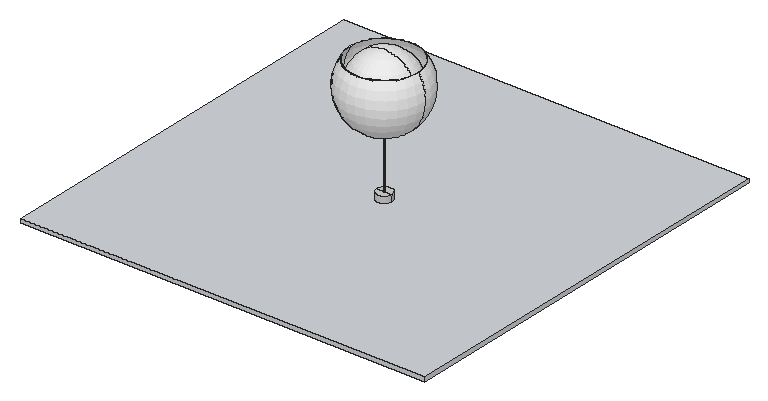
Revit family "Zumtobel SCON-S", category Leuchten, Revit 2016
Family settings
  Basisbauteil = Fläche
  Teiletyp = Normal
  Bemaßung runder Anschluss = Durchmesser verwenden
  OmniClass-Nummer = 23.80.70.11
  OmniClass-Titel = Luminaries for Internal Lighting
  Beim Laden mit Abzugskörper schneiden = Nein
  Lichtquelle = Ja
  Gemeinsam genutzt = Nein
  Raumberechnungspunkt = Nein
Parameters (values of type "SCON-S 170")
  Width = 170 mm
  Wattage = 5.04908 W
  built-in parameter 1150110 = 1 (stored number, unit not read)
  URL = "http://www.zumtobel.com/60510021"
  built-in parameter 1114217 = 1 (stored number, unit not read)
  Tilt Angle = -90.00°
  built-in parameter 1150109 = 1 (stored number, unit not read)
  built-in parameter 1150134 = (empty or 0)
  Suspension Height [instance] = 750 mm
  built-in parameter 1150113 = 1 (stored number, unit not read)
  Scon 500 = not(Scon 250)  # yes
  Scon 250 = no
  Datei für fotometrisches Netz = "ST8366_N.IES"
  Modell = "60510021"
  Hersteller = "Zumtobel Lighting"  # constant formula
  built-in parameter 1150105 = 59.683 (stored number, unit not read)
  Lumens = 750 lm
  built-in parameter 1150115 = 1 (stored number, unit not read)
  built-in parameter 1150137 = (empty or 0)
  built-in parameter 1150139 = (empty or 0)
  Length = 170 mm
  built-in parameter 1150112 = 1 (stored number, unit not read)
  built-in parameter 1150114 = 1 (stored number, unit not read)
  Lampe = "TCG-SE"
  built-in parameter 1150132 = 2
  built-in parameter 1150102 = (empty or 0)
  built-in parameter 1150107 = 3000 (stored number, unit not read)
  built-in parameter 1150138 = (empty or 0)
  built-in parameter 1150106 = 0.59683 (stored number, unit not read)
  Height = 154 mm
  Emit from Circle Diameter = 70.1 mm
  Emit Shape Visible in Rendering = yes
  built-in parameter 1150104 = 13.8 (stored number, unit not read)
  Dimming Lamp Color Temperature Shift = (empty or 0)
  Beschreibung = "Pendant luminaire"  # constant formula
  Default Elevation = 0 mm
  Color Filter = 16777215
  Body [instance] = Zumtobel_Metal_Chrome
  built-in parameter 1114218 = 1 (stored number, unit not read)
  built-in parameter 1150133 = 10 (stored number, unit not read)
  Baugruppenkennzeichen = "D5020210"
  Scheinlast = 9 VA
Types (3, lengths in mm): name | Width | Wattage | URL | built-in parameter 1150134 | Suspension Height | Scon 500 | Scon 250 | Datei für fotometrisches Netz | Modell | built-in parameter 1150105 | Lumens | Length | Lampe | built-in parameter 1150107 | built-in parameter 1150106 | Height | Scheinlast
  SCON-S 250 1/7,5W LED | 250 | 1.68303 W | "http://www.zumtobel.com/60510062" | 3 | 1000 | no | yes | "ST6177_A.IES" | "60510062" | 658.33 (stored number, unit not read) | 250 lm | 250 | "LED" | 3200 (stored number, unit not read) | 6.5833 (stored number, unit not read) | 250 | 9.5 VA
  SCON-S 500 1/23W TCG-SE CR | 500 | 4.42972 W | "http://www.zumtobel.com/60510021" | 3 | 750 | yes | no | "60510021_(STD_LEO).IES" | "60510021" | 52.362 (stored number, unit not read) | 658 lm | 500 | "TCG-SE" | 3200 (stored number, unit not read) | 0.52362 (stored number, unit not read) | 390 | 21 VA
  SCON-S 170 | 170 | 5.04908 W | "http://www.zumtobel.com/60510021" | (empty or 0) | 750 | yes | no | "ST8366_N.IES" | "60510021" | 59.683 (stored number, unit not read) | 750 lm | 170 | "TCG-SE" | 3000 (stored number, unit not read) | 0.59683 (stored number, unit not read) | 154 | 9 VA
Reference planes
  plane 1 "Center (Front/Back)": y = 0
  plane 2 "Top": z = 0
  plane 3 "Center (Left/Right)": x = -0.483
  plane 4: z = 750
  plane 5 "Cut Left": y = 60.5
  plane 6: y = -60.5
  plane 7: z = 542.503
  plane 8: z = 555.453
  plane 9: z = 36
  plane 10: z = 680.453
  plane 11: z = 360
  plane 12: z = 347.05
  plane 13: z = 735
  plane 14: z = 806
Forms (mm)
  Extrusion 1, solid
    sketch origin (0, 0, 0) x (1, 0, 0) y (0, 1, 0)
      loop
        line (-1219.2, 1219.2) -> (-1219.2, -1219.2) -> (1219.2, -1219.2) -> (1219.2, 1219.2) -> (-1219.2, 1219.2)
    from 0 to -25
  Revolve 2, solid, material "Zumtobel_Metal_Chrome" <- "Body", visible <- "Scon 250"
    sketch origin (0, 0, 0) x (1, 0, 0) y (0, 0, 1)
      loop
        arc (-104.043, 750) -> (-110.783, 621.499) -> (-0.483, 555.228) r 124.913
        line (-0.483, 555.228) -> (-0.483, 557.228)
        arc (-0.483, 557.228) -> (-109.333, 623.037) -> (-101.621, 750) r 122.913
        line (-101.621, 750) -> (-104.043, 750)
      axis (-0.483, 750) -> (-0.483, 555.228)
    angle from 0 to 360
  Revolve 3, solid, material "Zumtobel_Metal_Aluminium", visible <- "Scon 250"
    sketch origin (0, 0, 0) x (1, 0, 0) y (0, 0, 1)
      loop
        line (-7.983, 555.453) -> (-7.983, 542.503) -> (-0.483, 542.503) -> (-0.483, 555.228)
        arc (-0.483, 555.228) -> (-4.235, 555.285) -> (-7.983, 555.453) r 124.913
      loop
        line (-46.983, 0) -> (-0.483, 0) -> (-0.483, 36) -> (-46.983, 36) -> (-46.983, 0)
      loop
        line (-0.483, 557.228) -> (-0.483, 680.453) -> (-37.983, 680.453) -> (-29.358, 672.97) -> (-22.983, 655.453) -> (-22.983, 605.453) -> (-17.983, 605.453) -> (-17.983, 558.48)
        arc (-17.983, 558.48) -> (-9.255, 557.541) -> (-0.483, 557.228) r 122.913
      axis (-0.483, 680.453) -> (-0.483, 0)
    angle from 0 to 360
  Extrusion 4, solid, material "Zumtobel_Plastic_Black", visible <- "Scon 250"
    sketch origin (0, 0, 0) x (1, 0, 0) y (0, 1, 0)
      loop
        circle (-0.483, 0) r 2.5
    from 36 to 542.503
  Revolve 5, solid, material "Zumtobel_Metal_Chrome" <- "Body", visible <- "Scon 500"
    sketch origin (0, 0, 0) x (1, 0, 0) y (0, 0, 1)
      loop
        arc (-207.606, 750) -> (-221.277, 492.74) -> (-0.483, 360) r 250
        line (-0.483, 360) -> (-0.483, 362.4)
        arc (-0.483, 362.4) -> (-219.538, 494.584) -> (-204.703, 750) r 247.6
        line (-204.703, 750) -> (-207.606, 750)
      axis (-0.483, 750) -> (-0.483, 360)
    angle from 0 to 360
  Extrusion 6, solid, material "Zumtobel_Plastic_Black", visible <- "Scon 500"
    sketch origin (0, 0, 0) x (1, 0, 0) y (0, 1, 0)
      loop
        circle (-0.483, 0) r 2.5
    from 36 to 347.05
  Revolve 7, solid, material "Zumtobel_Metal_Aluminium", visible <- "Scon 500"
    sketch origin (0, 0, -90) x (1, 0, 0) y (0, 0, 1)
      loop
        line (-0.483, 437.05) -> (-0.483, 450)
        arc (-0.483, 450) -> (-4.233, 450.028) -> (-7.983, 450.113) r 250
        line (-7.983, 450.113) -> (-7.983, 437.05) -> (-0.483, 437.05)
      loop
        line (-46.983, 90) -> (-0.483, 90) -> (-0.483, 126) -> (-46.983, 126) -> (-46.983, 90)
      axis (-0.483, 450.113) -> (-0.483, 90)
    angle from 0 to 360
  Revolve 8, solid, material "Zumtobel_SI_Opaque", visible <- "Scon 500"
    sketch origin (0, 0, 0) x (1, 0, 0) y (0, 0, 1)
      loop
        arc (-0.483, 806) -> (-200.483, 606) -> (-0.483, 406) r 200
        line (-0.483, 406) -> (-0.483, 806)
      axis (-0.483, 806) -> (-0.483, 406)
    angle from 0 to 360
Dimensions and locks
  "Suspension Height": plane 4 to plane 2 "Top"
  plane 2 "Top" to plane 9 = 36 mm
  plane 4 to plane 11 to plane 12 = 390 mm locked, 12.95 mm locked
  plane 14 to plane 4 to plane 10 to plane 8 to plane 7 = 56 mm locked, 69.547 mm locked, 125 mm locked, 12.95 mm locked
  aligned and locked: plane 2 "Top" to Extrusion 1
  aligned and locked: level to Extrusion 1
  aligned and locked: Revolve 2 sketch curve to plane 3 "Center (Left/Right)"
  aligned and locked: Revolve 3 sketch curve to plane 7
  aligned and locked: Revolve 3 sketch curve to plane 2 "Top"
  aligned and locked: Revolve 3 sketch curve to plane 9
  aligned and locked: Revolve 3 sketch curve to plane 3 "Center (Left/Right)"
  aligned and locked: Revolve 3 to Extrusion 4
  aligned and locked: plane 7 to Extrusion 4
  aligned and locked: Revolve 7 sketch curve to plane 12
  aligned and locked: plane 12 to Extrusion 6
  aligned and locked: plane 3 "Center (Left/Right)" to Revolve 8 sketch curve
  aligned and locked: plane 14 to Revolve 8 sketch curve
  aligned and locked: imposter light to plane 10
  aligned and locked: plane 9 to Revolve 7 sketch curve
  aligned and locked: plane 2 "Top" to Revolve 7 sketch curve
Automatic sketch dimensions
  Extrusion 1 sketch curve to Extrusion 1 sketch curve = 2438.4 mm  (x2)
  Revolve 2 sketch curve to Revolve 2 sketch curve = 0 mm  (x2)
  Revolve 2 sketch curve to plane 4 = 0 mm
  Revolve 2 sketch curve to plane 3 "Center (Left/Right)" = 0 mm
  Revolve 2 sketch curve to plane 3 "Center (Left/Right)" = 0.007 mm
  Revolve 2 sketch curve to plane 3 "Center (Left/Right)" = 101.138 mm
  Revolve 2 sketch curve to Revolve 2 sketch curve = 2.422 mm
  Revolve 2 sketch curve to plane 10 = 0.312 mm
  plane 13 to Revolve 2 sketch curve = 20 mm
  Revolve 2 sketch curve to plane 13 = 10 mm
  Revolve 3 sketch curve to Revolve 3 sketch curve = 0 mm  (x2)
  Revolve 3 sketch curve to plane 10 = 0 mm
  Revolve 3 sketch curve to plane 8 = 0 mm
  Revolve 3 sketch curve to plane 3 "Center (Left/Right)" = 0 mm  (x3)
  Revolve 3 sketch curve to plane 3 "Center (Left/Right)" = 0.007 mm
  Revolve 3 sketch curve to Revolve 3 sketch curve = 7.5 mm
  Revolve 3 sketch curve to plane 3 "Center (Left/Right)" = 17.5 mm
  Revolve 3 sketch curve to Revolve 3 sketch curve = 5 mm
  Revolve 3 sketch curve to plane 10 = 7.483 mm
  Revolve 3 sketch curve to Revolve 3 sketch curve = 6.376 mm
  Revolve 3 sketch curve to Revolve 3 sketch curve = 8.624 mm
  Revolve 3 sketch curve to Revolve 3 sketch curve = 46.5 mm
  Revolve 3 sketch curve to Revolve 3 sketch curve = 0.225 mm
  plane 8 to Revolve 3 sketch curve = 1.775 mm
  Revolve 3 sketch curve to Revolve 3 sketch curve = 46.974 mm
  Revolve 3 sketch curve to Revolve 3 sketch curve = 17.517 mm
  Revolve 3 sketch curve to plane 13 = 10 mm
  plane 13 to Revolve 3 sketch curve = 20 mm
  plane 1 "Center (Front/Back)" to Extrusion 4 sketch curve = 0 mm
  Extrusion 4 sketch curve to plane 3 "Center (Left/Right)" = 0 mm
  Revolve 5 sketch curve to Revolve 5 sketch curve = 0 mm  (x2)
  Revolve 5 sketch curve to plane 4 = 0 mm  (x3)
  Revolve 5 sketch curve to plane 3 "Center (Left/Right)" = 0 mm  (x2)
  Revolve 5 sketch curve to plane 11 = 0 mm
  Revolve 5 sketch curve to Revolve 5 sketch curve = 2.4 mm
  Revolve 5 sketch curve to plane 4 = 140 mm
  Revolve 5 sketch curve to plane 13 = 10 mm
  plane 13 to Revolve 5 sketch curve = 20 mm
  plane 1 "Center (Front/Back)" to Extrusion 6 sketch curve = 0 mm
  Extrusion 6 sketch curve to plane 3 "Center (Left/Right)" = 0 mm
  Revolve 7 sketch curve to plane 3 "Center (Left/Right)" = 0 mm  (x3)
  Revolve 7 sketch curve to plane 11 = 0 mm
  Revolve 7 sketch curve to Revolve 7 sketch curve = 7.5 mm
  Revolve 7 sketch curve to Revolve 7 sketch curve = 46.5 mm
  Revolve 7 sketch curve to Revolve 7 sketch curve = 30 mm
  Revolve 7 sketch curve to Revolve 7 sketch curve = 0.113 mm
  Revolve 7 sketch curve to Revolve 7 sketch curve = 25 mm
  Revolve 8 sketch curve to plane 3 "Center (Left/Right)" = 0 mm
  Revolve 8 sketch curve to plane 4 = 144 mm
  Revolve 8 sketch curve to Revolve 8 sketch curve = 35 mm
  Revolve 8 sketch curve to Revolve 8 sketch curve = 40 mm
  radius of Extrusion 4 sketch curve = 2.5 mm
  radius of Extrusion 6 sketch curve = 2.5 mm
Connectors
  electrical at (-0.5, 0, 0), driven by "Scheinlast"
    settings: index 1, voltage 230 V, apparent load 0 VA, apparent load phase1 9 VA, apparent load phase2 0 VA, apparent load phase3 0 VA, power factor 1, load classification "Lighting", number of poles 1, system type 31, power factor state 1, is connector primary yes, connector utility no, sub classification motor no, connector description "Power"
